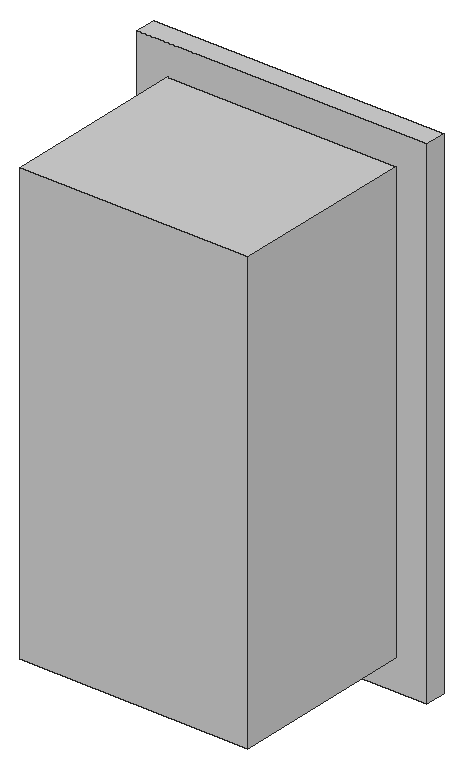
Revit family "SoapDispenser_Metlam_Recessed_Vertical", category Generic Models, host Wall, Revit 2013
Parameters (values of type "Metlam WM Vertical Standard")
  Width = 150 mm
  URL = "http://www.metlam.com.au/products/washroom/120"
  StyleOrType_ANZRS = "Sanitary Ware"
  Product Code = "ML 641 AS"
  Nozzle Standard = yes
  ModifiedIssue_ANZRS = 130318.01
  Model = "Recessed Vertical"
  Material Main = Stainless Steel, Satin
  Material Glass = Glass
  Keywords = "CAPACITY 1.2L with lockable hinged lid (key provided)"
  Material Nozzle = Stainless Steel, Polished
  Manufacturer = "Metlam"
  Height = 260 mm
  FilterObject_ANZRS = "Soap Dispenser"
  Description = "Recessed Vertical Liquid Soap Dispenser Stainless Steel"
  Depth = 159 mm
  CreatedBy_ANZRS = "RubySketch"
  CreatedByURL_ANZRS = "http://www.rubysketch.com/"
  CreatedByPhoneNo_ANZRS = "1300 844 728"
  Assembly Code = "E1090900"
Reference planes
  plane 1 "Wall": y = 0
  plane 2 "Center (Left/Right)": x = 125
  plane 3 "Back": y = 75
Forms (mm)
  Revolve 1, solid, material "Stainless Steel, Polished" <- "Material Nozzle", visible <- "Nozzle Standard", detail levels fine
    sketch origin (97, 225, 52) x (0, 0, -1) y (0, 1, 0)
      loop
        line (-11, -139) -> (0, -139) -> (-1, -113) -> (-4, -113) -> (-4, -90) -> (-2, -90) -> (-2, -87) -> (-11, -87) -> (-11, -139)
      axis (-11, -139) -> (-11, -87)
    angle from 0 to 360
  Revolve 2, solid, material "Glass" <- "Material Glass", detail levels fine
    sketch origin (153, 165, 16) x (0, 0, -1) y (0, 1, 0)
      loop
        line (-47, -79) -> (-34.5, -79) -> (-34.5, -78) -> (-35.5, -78) -> (-37.5, -74) -> (-39.5, -72) -> (-47, -72) -> (-47, -79)
      axis (-47, -79) -> (-47, -72)
    angle from 0 to 360
  Extrusion 3, solid, material "Stainless Steel, Polished" <- "Material Nozzle", visible <- "Nozzle Standard", detail levels fine
    sketch origin (-28, -60, 0) x (1, 0, 0) y (0, 1, 0)
      loop
        circle (125, 191) r 3
    from 57 to 52
  Extrusion 4, solid, material "Stainless Steel, Satin" <- "Material Main", detail levels fine
    sketch origin (0, 75, 0) x (1, 0, 0) y (0, 0, 1)
      loop
        line (200, 0) -> (200, 260) -> (50, 260) -> (50, 0) -> (200, 0)
    from 0 to -11
  Revolve 5, solid, material "Stainless Steel, Polished" <- "Material Nozzle", detail levels fine
    sketch origin (125, 0, 155) x (0, 0, -1) y (0, 1, 0)
      loop
        line (-75, 86) -> (-63.5, 86) -> (-65.5, 91) -> (-75, 91) -> (-75, 86)
      axis (-75, 86) -> (-75, 91)
    angle from 0 to 360
  Extrusion 6, void
    sketch origin (0, 75, 0) x (1, 0, 0) y (0, 0, 1)
      loop
        line (187.163, 12.034) -> (187.163, 247.034) -> (62.163, 247.034) -> (62.163, 12.034) -> (187.163, 12.034)
    from 0 to 105
  Extrusion 7, solid, material "Stainless Steel, Satin" <- "Material Main", detail levels fine
    sketch origin (0, 75, 0) x (1, 0, 0) y (0, 0, 1)
      loop
        line (184, 16) -> (184, 244) -> (66, 244) -> (66, 16) -> (184, 16)
    from 0 to 96
Cuts and joins
  joined: Revolve 1, Extrusion 3
  Extrusion 6 cuts Extrusion 4
Lines and regions (mm)
  Masking region 1, visible <- "Nozzle Standard"
    outline origin (-28, -60, 0) x (1, 0, 0) y (0, 1, 0)
      loop
        line (115, 172) -> (114, 146) -> (136, 146) -> (135, 172) -> (115, 172)
  Masking region 2, visible <- "Nozzle Standard"
    outline origin (-28, -60, 0) x (1, 0, 0) y (0, 1, 0)
      loop
        line (118, 172) -> (132, 172) -> (132, 195) -> (118, 195) -> (118, 172)
  Masking region 3, visible <- "Nozzle Standard"
    outline origin (-28, -60, 0) x (1, 0, 0) y (0, 1, 0)
      loop
        line (116, 195) -> (134, 195) -> (134, 198) -> (116, 198) -> (116, 195)
  Masking region 4
    outline origin (0, 0, 0) x (1, 0, 0) y (0, 1, 0)
      loop
        line (50, 75) -> (200, 75) -> (200, 86) -> (50, 86) -> (50, 75)
  Masking region 5
    outline origin (100, 0, 0) x (1, 0, 0) y (0, 1, 0)
      loop
        line (15.5, 91) -> (13.5, 86) -> (36.5, 86) -> (34.5, 91) -> (15.5, 91)
  Masking region 6
    outline origin (-35, 0, 0) x (1, 0, 0) y (0, 1, 0)
      loop
        line (175.5, 86) -> (200.5, 86) -> (200.5, 87) -> (199.5, 87) -> (197.5, 91) -> (195.5, 93) -> (180.5, 93) -> (178.5, 91) -> (176.5, 87) -> (175.5, 87) -> (175.5, 86)
  Masking region 7
    outline origin (0, 0, 0) x (1, 0, 0) y (0, 1, 0)
      loop
        line (66, 75) -> (66, -21) -> (184, -21) -> (184, 75) -> (66, 75)
Text (mm)
  text "Placement Side" at (-1848.837, 1116.779, 0), in view "Ref. Level"
  text "Placement side" at (0, 1409.804, 2854.306), in view "Left"
  text "Placement side" at (0, 499.811, 2980.732), in view "Right"
Dimensions and locks
  locked: plane 3 "Back" to host wall
  "Height": Extrusion 4 sketch curve to Extrusion 4 sketch curve
  equal spacing: Extrusion 4 sketch curve, plane 2 "Center (Left/Right)", Extrusion 4 sketch curve
  "Width": Extrusion 4 sketch curve to Extrusion 4 sketch curve
  aligned and locked: plane 1 "Wall" to host wall
  aligned and locked: Masking region 4 sketch curve to cut or joined group of Extrusion 4, Extrusion 6  (x4)
  aligned and locked: Masking region 7 sketch curve to Extrusion 7  (x4)
Automatic sketch dimensions
  Masking region 1 sketch curve to plane 2 "Center (Left/Right)" = 39 mm
  host wall to Masking region 1 sketch curve = 11 mm
  Masking region 1 sketch curve to plane 2 "Center (Left/Right)" = 38 mm
  Masking region 1 sketch curve to plane 2 "Center (Left/Right)" = 18 mm
  Masking region 1 sketch curve to plane 2 "Center (Left/Right)" = 17 mm
  Masking region 1 sketch curve to Masking region 1 sketch curve = 26 mm
  Masking region 2 sketch curve to plane 2 "Center (Left/Right)" = 35 mm
  Masking region 2 sketch curve to plane 2 "Center (Left/Right)" = 21 mm
  host wall to Masking region 2 sketch curve = 37 mm
  Masking region 2 sketch curve to Masking region 2 sketch curve = 23 mm
  Masking region 3 sketch curve to plane 2 "Center (Left/Right)" = 37 mm
  Masking region 3 sketch curve to plane 2 "Center (Left/Right)" = 19 mm
  host wall to Masking region 3 sketch curve = 60 mm
  Masking region 3 sketch curve to Masking region 3 sketch curve = 3 mm
  Extrusion 3 sketch curve to plane 2 "Center (Left/Right)" = 28 mm
  host wall to Extrusion 3 sketch curve = 56 mm
  level to Revolve 2 sketch curve = 63 mm
  host wall to Revolve 2 sketch curve = 11 mm
  Revolve 2 sketch curve to Revolve 2 sketch curve = 7.5 mm
  Revolve 2 sketch curve to Revolve 2 sketch curve = 2 mm  (x2)
  Revolve 2 sketch curve to Revolve 2 sketch curve = 1 mm  (x2)
  Revolve 2 sketch curve to Revolve 2 sketch curve = 0 mm  (x2)
  Revolve 2 sketch curve to Revolve 2 sketch curve = 4 mm
  Revolve 2 sketch curve to Revolve 2 sketch curve = 7 mm
  Revolve 2 sketch curve to Revolve 2 sketch curve = 4.509 mm
  host wall to Revolve 5 sketch curve = 16 mm
  level to Revolve 5 sketch curve = 230 mm
  host wall to Revolve 5 sketch curve = 11 mm
  Revolve 5 sketch curve to Revolve 5 sketch curve = 9.5 mm
  Revolve 5 sketch curve to Revolve 5 sketch curve = 2 mm
  Revolve 5 sketch curve to Revolve 5 sketch curve = 0 mm  (x2)
  Revolve 5 sketch curve to Revolve 5 sketch curve = 7.52 mm
  host wall to Masking region 5 sketch curve = 16 mm
  Masking region 5 sketch curve to plane 2 "Center (Left/Right)" = 9.5 mm
  Masking region 5 sketch curve to Masking region 5 sketch curve = 19 mm
  Masking region 5 sketch curve to Masking region 5 sketch curve = 2 mm  (x2)
  host wall to Masking region 5 sketch curve = 11 mm
  host wall to Masking region 6 sketch curve = 12 mm
  plane 2 "Center (Left/Right)" to Masking region 6 sketch curve = 16.5 mm
  host wall to Masking region 6 sketch curve = 11 mm
  host wall to Masking region 6 sketch curve = 16 mm  (x2)
  Masking region 6 sketch curve to Masking region 6 sketch curve = 2 mm  (x4)
  host wall to Masking region 6 sketch curve = 18 mm
  Masking region 6 sketch curve to Masking region 6 sketch curve = 15 mm
  Masking region 6 sketch curve to Masking region 6 sketch curve = 1 mm  (x3)
  host wall to Revolve 1 sketch curve = 11 mm
  level to Revolve 1 sketch curve = 63 mm
  host wall to Revolve 1 sketch curve = 37 mm
  Revolve 1 sketch curve to Revolve 1 sketch curve = 7 mm
  Revolve 1 sketch curve to Revolve 1 sketch curve = 2 mm
  Revolve 1 sketch curve to Revolve 1 sketch curve = 3 mm  (x2)
  Revolve 1 sketch curve to Revolve 1 sketch curve = 11 mm
  Revolve 1 sketch curve to Revolve 1 sketch curve = 0 mm  (x2)
  Revolve 1 sketch curve to Revolve 1 sketch curve = 23 mm
  Revolve 1 sketch curve to Revolve 1 sketch curve = 8 mm
  Extrusion 4 sketch curve to level = 0 mm
  level to Extrusion 7 sketch curve = 16 mm
  Extrusion 7 sketch curve to plane 2 "Center (Left/Right)" = 59 mm
  plane 2 "Center (Left/Right)" to Extrusion 7 sketch curve = 59 mm
  level to Extrusion 7 sketch curve = 244 mm
  level to Extrusion 6 sketch curve = 12.034 mm
  Extrusion 6 sketch curve to plane 2 "Center (Left/Right)" = 62.837 mm
  plane 2 "Center (Left/Right)" to Extrusion 6 sketch curve = 62.163 mm
  level to Extrusion 6 sketch curve = 247.034 mm
  radius of Extrusion 3 sketch curve = 3 mm
